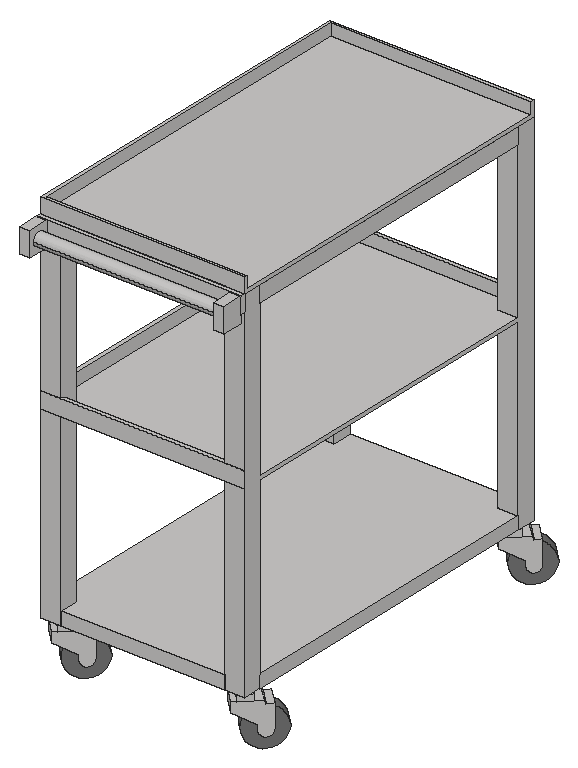
Revit family "QF_Vollrath_97125", category Specialty Equipment, Revit 2016
Family settings
  Part Type = Normal
  Round Connector Dimension = Use Diameter
  OmniClass Number = 23.40.40.14.17
  OmniClass Title = Food Cooking Equipment
  Work Plane-Based = No
  Always vertical = Yes
  Cut with Voids When Loaded = No
  Shared = No
  Room Calculation Point = No
Parameters (values of type "97125")
  Width [instance] = 15.50"
  Weight in Pounds = 48.95
  Watermarked By = "http://revitwatermark.com"
  URL Cutsheet = ""
  URL = ""
  Status [instance] = ""
  Specification by User [instance] = ""
  Specification by Manufacturer [instance] = ""
  Serial Number [instance] = ""
  Seismic Rating [instance] = ""
  Revision Code [instance] = ""
  NAFEM Spec ID Number [instance] = ""
  Model = "97125"
  Masterspec = ""
  Manufacturer = "Vollrath"
  Item Number [instance] = "-"
  Installed By [instance] = ""
  Identify Quantity as Lot [instance] = no
  Furnished By [instance] = ""
  Foodservice Equipment Identifier [instance] = yes
  Description = "Cart, Utility"
  Depth [instance] = 39.25"
  CSI MasterFormat = "11 48 13"
  Assembly Code = "E1090320"
Reference planes (in)
  plane 1 "BACK": y = -4.62
  plane 2: z = 0
  plane 3 "LEFT": x = 0
  plane 4 "RIGHT": x = 15.5
  plane 5 "--": y = -32.12
  plane 6: z = 4
  plane 7: z = 5
  plane 8: x = 1.5
  plane 9: y = -6.12
  plane 10: x = 14
  plane 11: y = -30.68
  plane 12: y = -18.37
  plane 13 "TOP": z = 32.69
  plane 14: x = 0.75
  plane 15 "FRONT": y = -34.09
  plane 16: z = 18.25
  plane 17: z = 19.5
  plane 18: x = 7.75
  plane 19: x = 14.75
  plane 20 "RiGHT": x = 15.5
  plane 21: z = 31.56
Forms (in)
  Extrusion 1, solid, material "QF_Finishes_Stainless Steel"
    sketch origin (0, 0, 16.75) x (-1, 0, 0) y (0, -1, 0)
      loop
        line (-1.5, 4.62) -> (-1.5, 6.12) -> (0, 6.12) -> (0, 30.68) -> (-1.5, 30.68) -> (-1.5, 32.12) -> (-14, 32.12) -> (-14, 30.68) -> (-15.5, 30.68) -> (-15.5, 6.12) -> (-14, 6.12) -> (-14, 4.62) -> (-1.5, 4.62)
    from -12.75 to -11.75
  Extrusion 2, solid, material "QF_Finishes_Stainless Steel"
    sketch origin (0, 0, 26.55) x (-1, 0, 0) y (0, -1, 0)
      loop
        line (-1.5, 32.12) -> (-14, 32.12) -> (-14, 30.68) -> (-15.5, 30.68) -> (-15.5, 6.12) -> (-14, 6.12) -> (-14, 4.62) -> (-1.5, 4.62) -> (-1.5, 6.12) -> (0, 6.12) -> (0, 30.68) -> (-1.5, 30.68) -> (-1.5, 32.12)
    from 3.76 to 5.01
  Sweep 3, solid, material "QF_Finishes_Stainless Steel"
    path origin (0, 0, 0) x (1, 0, 0) y (0, 1, 0)
      loop
        line (15.5, -32.12) -> (0, -32.12) -> (0, -4.62) -> (15.5, -4.62)
    profile origin (7.75, -4.62, 0) x (0, 1, 0) y (0, 0, 1)
      loop
        line (-2, 31.56) -> (0, 31.56) -> (0, 32.69) -> (-0.25, 32.69) -> (-0.25, 31.81309) -> (-2, 31.81309) -> (-2, 31.56)
  Extrusion 4, solid, material "QF_Finishes_Stainless Steel"
    sketch origin (0, 0, 16.81) x (-1, 0, 0) y (0, -1, 0)
      loop
        line (-1.5, 6.12) -> (-1.5, 30.68) -> (-15.5, 30.68) -> (-15.5, 6.12) -> (-1.5, 6.12)
    from 14.75 to 15.00309
  Extrusion 5, solid, material "QF_Finishes_Stainless Steel"
    sketch origin (0, 0, 16.75) x (-1, 0, 0) y (0, -1, 0)
      loop
        line (0, 4.62) -> (0, 6.12) -> (-1.5, 6.12) -> (-1.5, 4.62) -> (0, 4.62)
    from -12.75 to 14.81
  Extrusion 6, solid, material "QF_Finishes_Stainless Steel"
    sketch origin (14, 0, 16.75) x (-1, 0, 0) y (0, -1, 0)
      loop
        line (0, 4.62) -> (0, 6.12) -> (-1.5, 6.12) -> (-1.5, 4.62) -> (0, 4.62)
    from -12.75 to 14.81
  Extrusion 7, solid, material "QF_Finishes_Stainless Steel"
    sketch origin (0, -26.05109, 16.75) x (-1, 0, 0) y (0, -1, 0)
      loop
        line (0, 4.62) -> (0, 6.06) -> (-1.5, 6.06) -> (-1.5, 4.62) -> (0, 4.62)
    from -12.75 to 14.81
  Extrusion 8, solid, material "QF_Finishes_Stainless Steel"
    sketch origin (14, -26.05109, 16.75) x (-1, 0, 0) y (0, -1, 0)
      loop
        line (0, 4.62) -> (0, 6.06) -> (-1.5, 6.06) -> (-1.5, 4.62) -> (0, 4.62)
    from -12.75 to 14.81
  Sweep 9, solid, material "QF_Finishes_Stainless Steel"
    path origin (0, 0, -13.13) x (1, 0, 0) y (0, 1, 0)
      loop
        line (15.5, -32.12) -> (0, -32.12) -> (0, -4.62) -> (15.5, -4.62)
    profile origin (7.75, -4.62, -13.13) x (0, 1, 0) y (0, 0, 1)
      loop
        line (-2, 31.38) -> (0, 31.38) -> (0, 32.63) -> (-0.25, 32.63) -> (-0.25, 31.63) -> (-2, 31.63) -> (-2, 31.38)
  Extrusion 10, solid, material "QF_Finishes_Stainless Steel"
    sketch origin (0, 0, 3.62) x (-1, 0, 0) y (0, -1, 0)
      loop
        line (-1.5, 6.12) -> (-1.5, 30.68) -> (-15.5, 30.68) -> (-15.5, 6.12) -> (-1.5, 6.12)
    from 14.63 to 14.88
  Extrusion 11, solid, material "QF_Finishes_Stainless Steel"
    sketch origin (0, 0, 0.12) x (0, 1, 0) y (0, 0, 1)
      loop
        line (-32.12, 31.44) -> (-32.49962, 31.44) -> (-32.49962, 30.19) -> (-32.12, 30.19) -> (-32.12, 31.44)
    from 0 to 15.5
  Extrusion 12, solid, material "QF_Finishes_Stainless Steel"
    sketch origin (0, 0, 0.12) x (0, 1, 0) y (0, 0, 1)
      loop
        line (-32.49962, 31.44) -> (-34.09, 31.44) -> (-34.09, 29.57992) -> (-32.49962, 29.57992) -> (-32.49962, 31.44)
    from 0 to 0.75
  Extrusion 13, solid, material "QF_Finishes_Stainless Steel"
    sketch origin (15.5, 0, 0.12) x (0, 1, 0) y (0, 0, -1)
      loop
        line (-32.49962, -31.44) -> (-32.49962, -29.57992) -> (-34.09, -29.57992) -> (-34.09, -31.44) -> (-32.49962, -31.44)
    from 0 to 0.75
  Extrusion 14, solid, material "QF_Finishes_Stainless Steel"
    sketch origin (0, 0, 0.12) x (0, 1, 0) y (0, 0, 1)
      loop
        circle (-33.32708, 30.57019) r 0.5
    from 0.75 to 14.75
Cuts and joins
  joined: Sweep 3, Extrusion 4
  joined: Extrusion 6, Extrusion 7, Extrusion 8, Sweep 9, Extrusion 10
Lines and regions (in)
  symbolic lines
    curve 1: line (0, -4.62, 16.75) -> (0, -34.09, 16.75)
    curve 2: line (15.5, -34.09, 16.75) -> (15.5, -4.62, 16.75)
    curve 3: line (15.5, -4.62, 16.75) -> (0, -4.62, 16.75)
    curve 4: line (15.5, -34.09, 16.75) -> (14.75, -34.09, 16.75)
    curve 5: line (14.75, -34.09, 16.75) -> (14.75, -33.82708, 16.75)
    curve 6: line (14.75, -33.82708, 16.75) -> (0.75, -33.82708, 16.75)
    curve 7: line (0.75, -33.82708, 16.75) -> (0.75, -34.09, 16.75)
    curve 8: line (0.75, -34.09, 16.75) -> (0, -34.09, 16.75)
    curve 9: line (14.75, -32.82708, 16.75) -> (14.75, -32.49962, 16.75)
    curve 10: line (14.75, -32.49962, 16.75) -> (0.75, -32.49962, 16.75)
    curve 11: line (0.75, -32.49962, 16.75) -> (0.75, -32.82708, 16.75)
    curve 12: line (0.75, -32.82708, 16.75) -> (14.75, -32.82708, 16.75)
Dimensions and locks (in)
  "Width": plane 3 "LEFT" to plane 4 "RIGHT"
  plane 9 to plane 1 "BACK" = 1.50"
  plane 5 "--" to plane 11 = 1.44"
  plane 3 "LEFT" to plane 8 = 1.50"
  plane 10 to plane 4 "RIGHT" = 1.50"
  plane 13 "TOP" to level = 32.69"
  equal spacing: plane 1 "BACK", plane 12, plane 5 "--"
  locked: plane 7 to plane 6 at 1
  level to Extrusion 1 = 5.00"
  locked: plane 17 to plane 16 at 1.25
  plane 16 to plane 7 = 13.25"
  equal spacing: plane 4 "RIGHT", plane 18, plane 3 "LEFT"
  plane 15 "FRONT" to plane 12 = 15.72"
  plane 15 "FRONT" to plane 1 "BACK" = 29.47"
  plane 5 "--" to plane 1 "BACK" = 27.50"
  plane 17 to level = 19.50"
  plane 16 to level = 18.25"
  aligned and locked: level to plane 2
  aligned and locked: plane 7 to Extrusion 1
  aligned and locked: Extrusion 1 to plane 6
  aligned and locked: Extrusion 5 sketch curve to curve 3
  aligned and locked: Extrusion 5 sketch curve to curve 1
  aligned and locked: Extrusion 5 sketch curve to plane 9
  aligned and locked: Extrusion 5 sketch curve to plane 8
Automatic sketch dimensions
  Extrusion 1 sketch curve to plane 4 "RIGHT" = 0.00"
  Extrusion 1 sketch curve to plane 10 = 0.00"  (x2)
  plane 1 "BACK" to Extrusion 1 sketch curve = 0.00"
  Extrusion 1 sketch curve to plane 8 = 0.00"  (x2)
  plane 5 "--" to Extrusion 1 sketch curve = 0.00"
  Extrusion 1 sketch curve to plane 3 "LEFT" = 0.00"
  plane 9 to Extrusion 1 sketch curve = 0.00"  (x2)
  plane 11 to Extrusion 1 sketch curve = 0.00"  (x2)
  Extrusion 2 sketch curve to plane 4 "RIGHT" = 0.00"
  Extrusion 2 sketch curve to plane 10 = 0.00"  (x2)
  plane 9 to Extrusion 2 sketch curve = 0.00"  (x2)
  plane 1 "BACK" to Extrusion 2 sketch curve = 0.00"
  Extrusion 2 sketch curve to plane 8 = 0.00"  (x2)
  Extrusion 2 sketch curve to plane 3 "LEFT" = 0.00"
  plane 11 to Extrusion 2 sketch curve = 0.00"  (x2)
  plane 5 "--" to Extrusion 2 sketch curve = 0.00"
  Sweep 3 sketch curve to plane 3 "LEFT" = 0.00"
  Sweep 3 sketch curve to plane 4 "RIGHT" = 0.00"  (x2)
  plane 1 "BACK" to Sweep 3 sketch curve = 0.00"
  plane 5 "--" to Sweep 3 sketch curve = 0.00"
  Extrusion 4 sketch curve to plane 4 "RIGHT" = 0.00"
  Extrusion 4 sketch curve to plane 8 = 0.00"
  plane 9 to Extrusion 4 sketch curve = 0.00"
  plane 11 to Extrusion 4 sketch curve = 0.00"
  plane 1 "BACK" to Extrusion 6 sketch curve = 0.00"
  Extrusion 6 sketch curve to plane 4 "RIGHT" = 0.00"
  plane 9 to Extrusion 6 sketch curve = 0.00"
  Extrusion 6 sketch curve to plane 10 = 0.00"
  Extrusion 7 sketch curve to plane 8 = 0.00"
  Extrusion 7 sketch curve to plane 3 "LEFT" = 0.00"
  Extrusion 7 sketch curve to plane 11 = 0.00891"
  Extrusion 7 sketch curve to plane 5 "--" = 0.00891"
  Extrusion 8 sketch curve to plane 4 "RIGHT" = 0.00"
  Extrusion 8 sketch curve to plane 10 = 0.00"
  Extrusion 8 sketch curve to plane 11 = 0.00891"
  Extrusion 8 sketch curve to plane 5 "--" = 0.00891"
  Sweep 9 sketch curve to plane 3 "LEFT" = 0.00"
  Sweep 9 sketch curve to plane 4 "RIGHT" = 0.00"  (x2)
  plane 1 "BACK" to Sweep 9 sketch curve = 0.00"
  plane 5 "--" to Sweep 9 sketch curve = 0.00"
  Sweep 9 sketch curve to profile plane = 0.00"
  profile plane to Sweep 9 sketch curve = 0.25"
  Sweep 9 sketch curve to Sweep 9 sketch curve = 1.75"
  profile plane to Sweep 9 sketch curve = 31.38"
  Sweep 9 sketch curve to Sweep 9 sketch curve = 0.25"
  Sweep 9 sketch curve to Sweep 9 sketch curve = 1.00"
  Extrusion 10 sketch curve to plane 4 "RIGHT" = 0.00"
  Extrusion 10 sketch curve to plane 8 = 0.00"
  plane 9 to Extrusion 10 sketch curve = 0.00"
  plane 11 to Extrusion 10 sketch curve = 0.00"
  Extrusion 11 sketch curve to plane 5 "--" = 0.00"
  Extrusion 11 sketch curve to Extrusion 11 sketch curve = 0.37962"
  Extrusion 11 sketch curve to plane 13 "TOP" = 2.38"
  Extrusion 11 sketch curve to plane 13 "TOP" = 1.13"
  Extrusion 12 sketch curve to plane 15 "FRONT" = 0.00"
  plane 5 "--" to Extrusion 12 sketch curve = 0.37962"
  Extrusion 12 sketch curve to plane 13 "TOP" = 2.99008"
  Extrusion 12 sketch curve to plane 13 "TOP" = 1.13"
  Extrusion 13 sketch curve to plane 15 "FRONT" = 0.00"
  plane 5 "--" to Extrusion 13 sketch curve = 0.37962"
  Extrusion 13 sketch curve to plane 13 "TOP" = 1.13"
  Extrusion 13 sketch curve to Extrusion 13 sketch curve = 1.86008"
  plane 15 "FRONT" to Extrusion 14 sketch curve = 0.76292"
  Extrusion 14 sketch curve to plane 13 "TOP" = 1.99981"
  Sweep 3 sketch curve to profile plane = 0.00"
  profile plane to Sweep 3 sketch curve = 0.25"
  Sweep 3 sketch curve to Sweep 3 sketch curve = 1.75"
  level to Sweep 3 sketch curve = 31.56"
  Sweep 3 sketch curve to Sweep 3 sketch curve = 0.25309"
  Sweep 3 sketch curve to Sweep 3 sketch curve = 0.87691"
  plane 1 "BACK" to curve 3 = 0.00"
  curve 3 to plane 4 "RIGHT" = 0.00"
  curve 9 to plane 19 = 0.00"
  curve 4 to plane 15 "FRONT" = 0.00"
  curve 4 to plane 19 = 0.00"
  curve 7 to plane 14 = 0.00"
  curve 11 to plane 14 = 0.00"
  curve 3 to plane 3 "LEFT" = 0.00"
  curve 8 to plane 15 "FRONT" = 0.00"
  plane 5 "--" to curve 10 = 0.37962"
  curve 10 to curve 12 = 0.32746"
  plane 15 "FRONT" to curve 6 = 0.26292"
  radius of Extrusion 14 sketch curve = 0.50"
Nested families (in)
  nested 1: "FESCaster" at (1.25, -5.60981, 0), type "FESCaster"
    with Height 4.00", Caster Radius 1.50"
  nested 2: "FESCaster" at (14.62136, -5.60981, 0), type "FESCaster"
    with Height 4.00", Caster Radius 1.50"
  nested 3: "FESCaster" at (14.62136, -31.11977, 0), type "FESCaster"
    with Height 4.00", Caster Radius 1.50"
  nested 4: "FESCaster" at (1, -31.11977, 0), type "FESCaster"
    with Height 4.00", Caster Radius 1.50"
Definition of nested family "FESCaster"
  Parameters
    Watermarked By = "http://revitwatermark.com"
    Type Comments = "⍁⍉⌁⌀⏭⎽⌇⍠⌜⍉⎖⌥⌦⌯⍭⏊⍻⍿⍊⏵⍊⏗⏠⍴⎡⌈⎀⍠⌓⌤⏘⎐⍀⌐⏬⏁⎈⏍⏦⎒⏬⌝⍩⍇⌣〈⎫〉⎁⏊⍥⍖⍥⍝⍦⌖⍀⏌⏭⎝⎼⏷⏞⍻⏯⎽⏷⏞⍻⏯⎽⏷⎺⌻⎝⍎⌧⏷⏟⏿⌿⍜⍦⍤⌁⍬⏶⏎⍊⏚⏉⎞⌡⎀⎪⏈⌟⌿⍾⍼⌟⌿⌢⌞⏞⏝⌻⎸⎻⎷⎳⎻⎛⌞⌼⏚⍿⏸⍨⏷⍡⍺⏼⏅⎏⌽⌻⍽⎝⍮⎧⍏⏳⏲⎼⏈⏋⏙⎏⏽⏘⍹⏞⌜⏼⍴⏶⏮⏿⌁"
    Height [instance] = 6.00"
    Caster Radius [instance] = if(Height < 3.00", 1.00", (Height / 2) - 0.50")  # 2.50"
    Assembly Code = ""
  Reference planes (in)
    plane 1 "Center (Front/Back)": y = 0
    plane 2: z = 0
    plane 3 "Center (Left/Right)": x = 0
    plane 4: z = 6
    plane 5: z = 5.5
  Forms (in)
    Extrusion 1, solid
      sketch origin (-24.12131, -22.88887, 10.18833) x (0.707107, 0.707107, 0) y (0, 0, 1)
        loop
          line (34.98772, -7.68833) -> (34.98772, -4.93833) -> (34.48772, -4.93833) -> (34.39402, -4.68833) -> (32.39402, -4.68833) -> (32.39402, -5.43833) -> (33.98772, -7.34206) -> (33.98772, -7.68833)
          arc (33.98772, -7.68833) -> (34.48772, -8.18833) -> (34.98772, -7.68833) r 0.5
      from 0 to 1.75
    Extrusion 2, solid
      sketch origin (-24.32327, -23.09083, 13.31461) x (0.707107, 0.707107, 0) y (0, 0, 1)
        loop
          circle (34.77334, -10.81461) r 2.5
      from 0.375 to 1.375
    Extrusion 3, solid
      sketch origin (-7.24148, -8.48391, 0) x (0.707107, 0.707107, 0) y (0, 0, 1)
        loop
          line (10.61603, 5.5) -> (11.61603, 5.5) -> (11.61603, 6) -> (10.61603, 6) -> (10.61603, 5.5)
      from 0 to -1.75
  Lines and regions (in)
    symbolic lines
      curve 1: line (-1.26158, -0.51911, 0) -> (1.39007, 2.13254, 0)
      curve 2: line (-0.53429, -1.24639, 0) -> (2.11736, 1.40526, 0)
      curve 3: line (-1.26158, -0.51911, 0) -> (1.39007, 2.13254, 0)
      curve 4: line (-0.53429, -1.24639, 0) -> (2.11736, 1.40526, 0)
  Dimensions and locks (in)
    locked: plane 4 to plane 5 at 0.5
    "Height": plane 4 to level
    "Caster Radius": Extrusion 2 sketch curve to level
    "Caster Radius": Extrusion 1 sketch curve to level
    "Caster Radius": radius of Extrusion 2 sketch curve
    aligned and locked: plane 2 to level
    aligned and locked: Extrusion 3 to plane 5
    aligned and locked: plane 4 to Extrusion 3
    aligned and locked: plane 5 to Extrusion 1
  Automatic sketch dimensions
    plane 1 "Center (Front/Back)" to curve 3 = 0.51911"
    curve 3 to plane 3 "Center (Left/Right)" = 1.26158"
    plane 1 "Center (Front/Back)" to curve 1 = 0.51911"
    curve 1 to curve 3 = 0.00"  (x3)
    curve 4 to plane 3 "Center (Left/Right)" = 0.53429"
    curve 2 to curve 4 = 0.00"  (x2)
    plane 3 "Center (Left/Right)" to curve 3 = 1.39007"
    curve 1 to curve 4 = 0.72729"
    curve 2 to curve 1 = 0.72729"
    curve 4 to curve 2 = 0.00"  (x2)
    curve 2 to plane 1 "Center (Front/Back)" = 1.40526"
    curve 2 to curve 3 = 0.72729"
    plane 5 to Extrusion 1 sketch curve = 0.00"
    Extrusion 1 sketch curve to Extrusion 1 sketch curve = 1.5937"
    Extrusion 1 sketch curve to Extrusion 1 sketch curve = 2.00"
    Extrusion 1 sketch curve to Extrusion 1 sketch curve = 0.0937"
    Extrusion 1 sketch curve to Extrusion 1 sketch curve = 0.50"
    Extrusion 1 sketch curve to Extrusion 1 sketch curve = 0.34627"
    Extrusion 1 sketch curve to plane 5 = 0.75"
    Extrusion 1 sketch curve to plane 5 = 0.25"
    Extrusion 3 sketch curve to plane 5 = 0.00"
    plane 4 to Extrusion 3 sketch curve = 0.00"
    Extrusion 3 sketch curve to Extrusion 3 sketch curve = 1.00"
